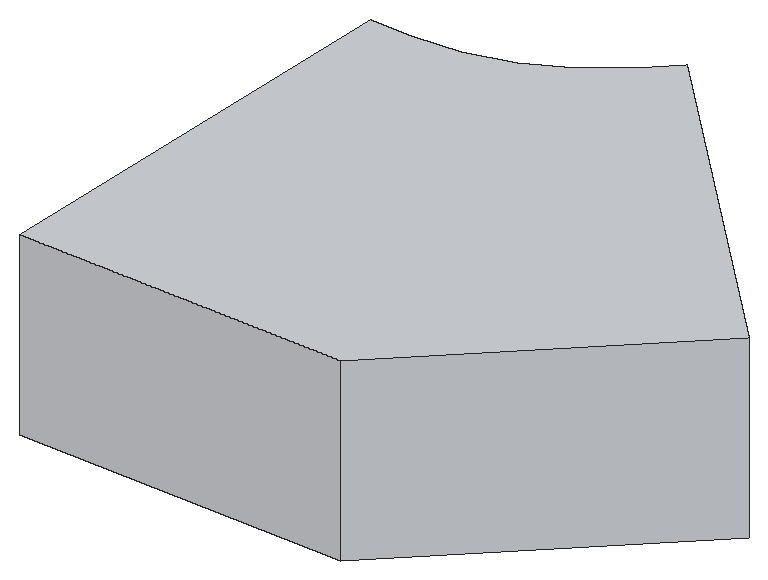
Revit family "M_Rectangular Elbow - Round Throat - Sharp Heel", category Duct Fittings, Revit 2014
Parameters (values of type "Standard")
  Duct Length 2 [instance] = Throat Radius + Duct Width / 2  # 575 mm
  Duct Length 3 [instance] = (Throat Radius + Duct Width / 2) * tan(Angle / 2)  # 238.173 mm
  Duct Length 1 [instance] = Shoulder Length + (Duct Width / 2 + Throat Radius) * tan(Angle / 2)  # 288.173 mm
  Duct Width [instance] = 550 mm
  Throat Radius [instance] = 300 mm
  Shoulder Length [instance] = 50 mm
  Duct Height [instance] = 225 mm
  Assembly Code = ""
  Angle [instance] = 45.00°
Reference planes
  plane 1 "Center (Front/Back)": y = 0
  plane 2: z = 0
  plane 3 "Center (Left/Right)": x = 0
  plane 4 "Bottom": z = -114.3
  plane 5 "Lining": z = -114.3
  plane 6 "Insulation": z = -114.3
  plane 7: x = -238.173
  plane 8: y = 575
Forms (mm)
  Sweep 1, solid, detail levels medium+fine
    path in 3D
      loop
        line (203.769, 203.769, 0) -> (0, 0, 0) -> (-288.173, 0, 0)
    profile "M_Duct - Rectangular : Duct - Rectangular" origin (-144.086, 0, 0) x (0, -1, 0) y (0, 0, 1)
      loop
        line (-275, 112.5) -> (-275, -112.5) -> (275, -112.5) -> (275, 112.5) -> (-275, 112.5)
  Sweep 2, solid, detail levels medium+fine
    path in 3D
      loop
        line (-288.173, 0, 0) -> (-238.173, 0, 0)
        arc (-238.173, 0, 0) -> (-18.13, 43.769, 0) -> (168.414, 168.414, 0) r 575
        line (168.414, 168.414, 0) -> (203.769, 203.769, 0)
    profile "M_Duct - Rectangular : Duct - Rectangular" origin (-18.13, 43.769, 0) x (-0.382683, 0.92388, 0) y (0, 0, 1)
      loop
        line (-275, 112.5) -> (-275, -112.5) -> (275, -112.5) -> (275, 112.5) -> (-275, 112.5)
Cuts and joins
  joined: Sweep 1, Sweep 2
Lines and regions (mm)
  model lines, detail levels coarse
    curve 1: line (0, 0, 0) -> (-288.173, 0, 0)
    curve 2: line (0, 0, 0) -> (203.769, 203.769, 0)
  sketch lines
    curve 3: line (0, 0, 0) -> (-288.173, 0, 0)
    curve 4: line (0, 0, 0) -> (203.769, 203.769, 0)
    curve 6: arc (-238.173, 0, 0) -> (-18.13, 43.769, 0) -> (168.414, 168.414, 0) r 575
    curve 9: line (-238.173, 0, 0) -> (-288.173, 0, 0)
    curve 10: line (168.414, 168.414, 0) -> (203.769, 203.769, 0)
  reference lines
    curve 5: arc (-238.173, 0, 0) -> (-18.13, 43.769, 0) -> (168.414, 168.414, 0) r 575
    curve 7: line (-238.173, 0, 0) -> (-288.173, 0, 0)
    curve 8: line (168.414, 168.414, 0) -> (203.769, 203.769, 0)
Dimensions and locks
  locked: plane 4 "Bottom" to plane 2 at 114.3
  "Duct Length 1": curve 1 to curve 1
  "Duct Length 1": curve 2 to curve 2
  "Duct Length 2": plane 1 "Center (Front/Back)" to plane 8
  "Duct Length 3": plane 7 to plane 3 "Center (Left/Right)"
  "Shoulder Length": curve 7 to curve 7
  "Shoulder Length": curve 8 to curve 8
  "Duct Length 2": radius of curve 5
  "Angle": angle plane 1 "Center (Front/Back)" to curve 2
  "Angle": angle curve 5 to curve 5
  "Angle": angle plane 1 "Center (Front/Back)" to curve 8
  aligned and locked: curve 1 to plane 1 "Center (Front/Back)"
  aligned and locked: plane 8 to curve 5
  aligned and locked: plane 7 to curve 5
Automatic sketch dimensions
  curve 2 to plane 3 "Center (Left/Right)" = 0 mm
Connectors
  hvac at (-288.173, 0, 0), driven by "Angle", driven by "Duct Height", driven by "Duct Width"
    settings: on cut or joined group of Sweep 1, Sweep 2, index 1, duct flow 0.0 L/s, flow factor 0, pres drop 0.0 Pa, loss coef 0, conn angle 45.00°, conn width 550 mm, conn height 225 mm, conn diameter 609.6 mm, duct sys type 28, conn prof type 1, flow config 0, flow direction 0, loss method 0, conn ref index 2, conn util no, is conn primary yes, conn desc ""
  hvac at (203.769, 203.769, 0), driven by "Angle", driven by "Duct Height", driven by "Duct Width"
    settings: on cut or joined group of Sweep 1, Sweep 2, index 2, duct flow 0.0 L/s, flow factor 0, pres drop 0.0 Pa, loss coef 0, conn angle 45.00°, conn width 550 mm, conn height 225 mm, conn diameter 609.6 mm, duct sys type 28, conn prof type 1, flow config 0, flow direction 0, loss method 0, conn ref index 1, conn util no, is conn primary no, conn desc ""
